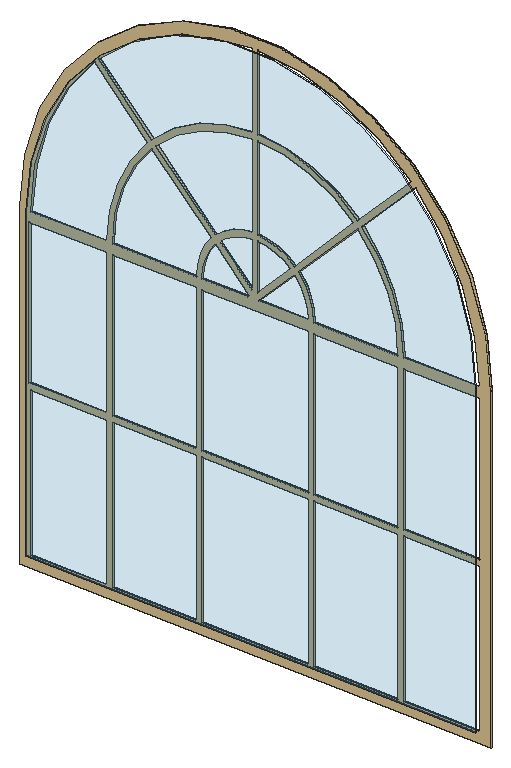
Revit family "1200_x_1800_Arched_window_with_Sunray_transum_update", category Windows, host Wall, Revit 2016
Family settings
  Host = Wall
  Always vertical = Yes
  Cut with Voids When Loaded = No
  Shared = No
  Room Calculation Point = No
Parameters (values of type "Arch-1800x1200")
  Width [instance] = 1800 mm
  Sill Height [instance] = 900 mm
  Rise [instance] = 900 mm
  Height [instance] = 1200 mm
  Half Width [instance] = 900 mm
  Analytic Construction = "<None>"
Reference planes
  plane 1 "Wall": y = 0
  plane 2 "Center (Left/Right)": x = 125
  plane 3 "Back": y = 75
  plane 4: x = 1025
  plane 5: x = -775
  plane 6: z = 2100
  plane 7: z = 900
  plane 8: z = 3000
  plane 9 "Exterior": y = 75
  plane 10 "Sash": y = 15
  plane 11 "Glazing": y = 0
Forms (mm)
  Sweep 1, void
    path origin (0, 0, 0) x (1, 0, 0) y (0, 0, 1)
      loop
        arc (1025, 2100) -> (125, 3000) -> (-775, 2100) r 900
        line (-775, 2100) -> (-775, 900) -> (1025, 900) -> (1025, 2100)
    profile origin (125, 0, 3000) x (0, 0, -1) y (0, -1, 0)
      loop
        line (0, -75) -> (30, -75) -> (30, -15) -> (60, -15) -> (60, 30) -> (0, 30) -> (0, -75)
  Extrusion 2, solid, material "Frame"
    sketch origin (0, 15, 0) x (0, 0, -1) y (1, 0, 0)
      loop
        line (-1000, 925) -> (-1530, 925) -> (-1530, 655) -> (-1000, 655) -> (-1000, 925)
      loop
        arc (-2100, 925) -> (-2401.521, 866.003) -> (-2658.57, 697.712) r 800
        line (-2658.57, 697.712) -> (-2467.629, 506.771)
        arc (-2467.629, 506.771) -> (-2298.194, 616.548) -> (-2100, 655) r 530
        line (-2100, 655) -> (-2100, 925)
      loop
        line (-2065, -681.37) -> (-1550, -681.37) -> (-1550, -405) -> (-2065, -405) -> (-2065, -681.37)
      loop
        line (-1000, -675) -> (-1000, -405) -> (-1530, -405) -> (-1530, -675) -> (-1000, -675)
      loop
        line (-1550, 925) -> (-2065, 925) -> (-2065, 655) -> (-1550, 655) -> (-1550, 925)
      loop
        line (-2124.142, 135) -> (-2241.235, 252.093)
        arc (-2241.235, 252.093) -> (-2275.537, 197.71) -> (-2289.737, 135) r 190
        line (-2289.737, 135) -> (-2124.142, 135)
      loop
        line (-2100, 139.142) -> (-2100, 315)
        arc (-2100, 315) -> (-2168.064, 302.39) -> (-2227.093, 266.235) r 190
        line (-2227.093, 266.235) -> (-2100, 139.142)
      loop
        arc (-2100, 635) -> (-2290.54, 598.069) -> (-2453.484, 492.626) r 510
        line (-2453.484, 492.626) -> (-2241.253, 280.395)
        arc (-2241.253, 280.395) -> (-2175.72, 320.874) -> (-2100, 335) r 210
        line (-2100, 335) -> (-2100, 635)
      loop
        line (-2124.142, 115) -> (-2289.737, 115)
        arc (-2289.737, 115) -> (-2275.537, 52.29) -> (-2241.235, -2.093) r 190
        line (-2241.235, -2.093) -> (-2124.142, 115)
      loop
        line (-2100, 110.858) -> (-2227.093, -16.235)
        arc (-2227.093, -16.235) -> (-2168.064, -52.39) -> (-2100, -65) r 190
        line (-2100, -65) -> (-2100, 110.858)
      loop
        line (-2065, 335) -> (-1550, 335) -> (-1550, 635) -> (-2065, 635) -> (-2065, 335)
      loop
        line (-2065, 315) -> (-2065, -65) -> (-1550, -65) -> (-1550, 315) -> (-2065, 315)
      loop
        line (-2065, -85) -> (-2065, -385) -> (-1550, -385) -> (-1550, -85) -> (-2065, -85)
      loop
        line (-1530, 635) -> (-1530, 335) -> (-1000, 335) -> (-1000, 635) -> (-1530, 635)
      loop
        arc (-2100, -85) -> (-2175.72, -70.874) -> (-2241.253, -30.395) r 210
        line (-2241.253, -30.395) -> (-2453.484, -242.626)
        arc (-2453.484, -242.626) -> (-2290.54, -348.069) -> (-2100, -385) r 510
        line (-2100, -385) -> (-2100, -85)
      loop
        arc (-2100, -405) -> (-2298.194, -366.548) -> (-2467.629, -256.771) r 530
        line (-2467.629, -256.771) -> (-2658.57, -447.712)
        arc (-2658.57, -447.712) -> (-2401.521, -616.003) -> (-2100, -675) r 800
        line (-2100, -675) -> (-2100, -405)
      loop
        line (-1530, -385) -> (-1000, -385) -> (-1000, -85) -> (-1530, -85) -> (-1530, -385)
      loop
        line (-1530, -65) -> (-1000, -65) -> (-1000, 315) -> (-1530, 315) -> (-1530, -65)
      loop
        line (-2255.395, 266.253) -> (-2467.626, 478.484)
        arc (-2467.626, 478.484) -> (-2571.179, 320.169) -> (-2609.902, 135) r 510
        line (-2609.902, 135) -> (-2309.762, 135)
        arc (-2309.762, 135) -> (-2294.015, 205.364) -> (-2255.395, 266.253) r 210
      loop
        line (-2309.762, 115) -> (-2609.902, 115)
        arc (-2609.902, 115) -> (-2571.179, -70.169) -> (-2467.626, -228.484) r 510
        line (-2467.626, -228.484) -> (-2255.395, -16.253)
        arc (-2255.395, -16.253) -> (-2294.015, 44.636) -> (-2309.762, 115) r 210
      loop
        arc (-2481.771, -242.629) -> (-2589.656, -77.822) -> (-2629.906, 115) r 530
        line (-2629.906, 115) -> (-2899.937, 115)
        arc (-2899.937, 115) -> (-2839.104, -181.147) -> (-2672.712, -433.57) r 800
        line (-2672.712, -433.57) -> (-2481.771, -242.629)
      loop
        arc (-2629.906, 135) -> (-2589.656, 327.822) -> (-2481.771, 492.629) r 530
        line (-2481.771, 492.629) -> (-2672.712, 683.57)
        arc (-2672.712, 683.57) -> (-2839.104, 431.147) -> (-2899.937, 135) r 800
        line (-2899.937, 135) -> (-2629.906, 135)
      loop
        line (-960, 965) -> (-2100, 965)
        arc (-2100, 965) -> (-2940, 125) -> (-2100, -715) r 840
        line (-2100, -715) -> (-960, -715) -> (-960, 965)
    from 0 to 5
  Extrusion 3, solid, material "Glass"
    sketch origin (0, 0, 0) x (0, 0, -1) y (1, 0, 0)
      loop
        line (-2100, -681.37) -> (-1000, -681.37) -> (-1000, 925) -> (-2100, 925)
        arc (-2100, 925) -> (-2903.185, 121.815) -> (-2100, -681.37) r 803.185
    from 0 to 6
Lines and regions (mm)
  Opening 1
    outline origin (-5000, -75, 0) x (1, 0, 0) y (0, 0, 1)
      loop
        arc (6025, 2100) -> (5125, 3000) -> (4225, 2100) r 900
        line (4225, 2100) -> (4225, 900) -> (6025, 900) -> (6025, 2100)
Text (mm)
  text "Placement side" at (-1848.837, 1116.779, 0), in view "Ref. Level"
  text "Placement side" at (0, 1409.804, 2854.306), in view "Left"
  text "Placement side" at (0, 499.811, 2980.732), in view "Right"
Dimensions and locks
  locked: plane 3 "Back" to host wall
  "Width": plane 4 to plane 5
  "Half Width": plane 4 to plane 2 "Center (Left/Right)"
  plane 2 "Center (Left/Right)" to plane 5 = 900 mm
  "Sill Height": level to plane 7
  "Height": plane 7 to plane 6
  "Rise": plane 6 to plane 8
  aligned and locked: plane 1 "Wall" to host wall
  aligned and locked: Opening 1 sketch curve to plane 4
  aligned and locked: plane 7 to Opening 1 sketch curve
  aligned and locked: plane 5 to Opening 1 sketch curve
  aligned and locked: plane 9 "Exterior" to host wall
  aligned and locked: host wall to Sweep 1 sketch curve
  aligned and locked: Sweep 1 sketch curve to host wall  (x3)
  aligned and locked: Sweep 1 sketch curve to plane 10 "Sash"
  aligned and locked: profile plane to Sweep 1 sketch curve
  aligned and locked: Sweep 1 sketch curve to Sweep 1 sketch curve
  aligned and locked: Sweep 1 to Extrusion 2 sketch curve
  aligned and locked: Extrusion 2 sketch curve to Sweep 1
  aligned: plane 6 to Extrusion 2
Automatic sketch dimensions
  Opening 1 sketch curve to plane 6 = 0 mm
  Sweep 1 sketch curve to plane 6 = 0 mm  (x2)
  Sweep 1 sketch curve to profile plane = 30 mm
  Sweep 1 sketch curve to Sweep 1 sketch curve = 30 mm
  Sweep 1 sketch curve to Sweep 1 sketch curve = 60 mm
  plane 1 "Wall" to Sweep 1 sketch curve = 30 mm
  Extrusion 2 sketch curve to Extrusion 2 sketch curve = 0 mm  (x270)
  plane 2 "Center (Left/Right)" to Extrusion 2 sketch curve = 10 mm  (x3)
  plane 6 to Extrusion 2 sketch curve = 24.142 mm
  Extrusion 2 sketch curve to plane 2 "Center (Left/Right)" = 10 mm  (x3)
  plane 6 to Extrusion 2 sketch curve = 127.093 mm  (x2)
  Extrusion 2 sketch curve to Extrusion 2 sketch curve = 14.142 mm  (x16)
  Extrusion 2 sketch curve to Extrusion 2 sketch curve = 14.16 mm  (x2)
  Extrusion 2 sketch curve to Extrusion 2 sketch curve = 48.502 mm
  Extrusion 2 sketch curve to Extrusion 2 sketch curve = 20.025 mm
  Extrusion 2 sketch curve to Extrusion 2 sketch curve = 212.231 mm  (x2)
  Extrusion 2 sketch curve to Extrusion 2 sketch curve = 14.145 mm  (x2)
  Extrusion 2 sketch curve to Extrusion 2 sketch curve = 300.14 mm
  Extrusion 2 sketch curve to Extrusion 2 sketch curve = 20.004 mm
  Extrusion 2 sketch curve to Extrusion 2 sketch curve = 190.941 mm  (x2)
  plane 8 to Extrusion 2 sketch curve = 100.063 mm
  Extrusion 2 sketch curve to plane 6 = 35 mm  (x2)
  Extrusion 2 sketch curve to Extrusion 2 sketch curve = 515 mm
  Extrusion 2 sketch curve to Extrusion 2 sketch curve = 20 mm  (x12)
  plane 7 to Extrusion 2 sketch curve = 100 mm  (x2)
  Extrusion 2 sketch curve to Extrusion 2 sketch curve = 40 mm  (x3)
  Extrusion 2 sketch curve to Extrusion 2 sketch curve = 33.63 mm
  Extrusion 2 sketch curve to Extrusion 2 sketch curve = 6.37 mm
  Extrusion 2 sketch curve to Extrusion 2 sketch curve = 270 mm
  Extrusion 2 sketch curve to plane 2 "Center (Left/Right)" = 210 mm
  plane 2 "Center (Left/Right)" to Extrusion 2 sketch curve = 14.142 mm
  plane 2 "Center (Left/Right)" to Extrusion 2 sketch curve = 190 mm
  Extrusion 2 sketch curve to Extrusion 2 sketch curve = 300 mm
  Extrusion 2 sketch curve to plane 4 = 100 mm
  Extrusion 2 sketch curve to plane 6 = 0 mm
  Extrusion 2 sketch curve to plane 2 "Center (Left/Right)" = 0 mm
  Extrusion 3 sketch curve to plane 6 = 0 mm
  plane 7 to Extrusion 3 sketch curve = 100 mm
  plane 5 to Extrusion 3 sketch curve = 93.63 mm
  Extrusion 3 sketch curve to plane 2 "Center (Left/Right)" = 3.185 mm
